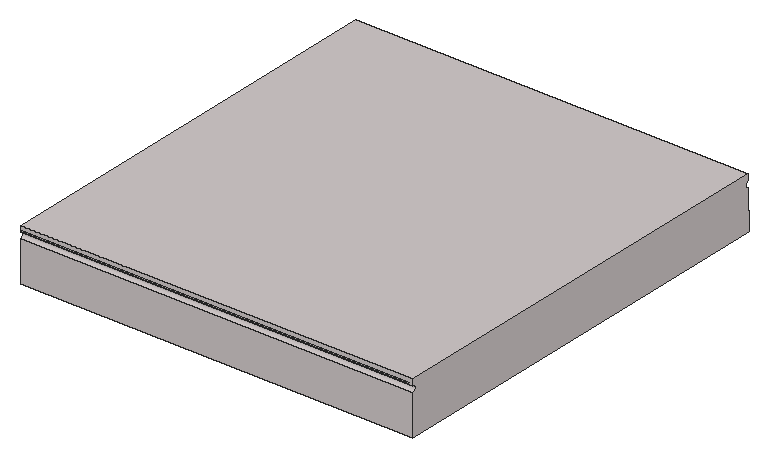
Revit family
Parameters (values of type "1200x150mm")
  시작 확장 계산 [instance] = 3012.5 mm + 시작 확장  # 3000 mm
  시작 확장 [instance] = -12.5 mm
  끝 확장 계산 [instance] = 3012.5 mm + 끝 확장  # 3000 mm
  끝 확장 [instance] = -12.5 mm
  보 재료 [instance] = 콘크리트 - 프리캐스트 콘크리트 - 35MPa
  Assembly Code = ""
  깊이 = 150 mm
  Length [instance] = 1500 mm
  폭 = 1200 mm
Types (13, lengths in mm): name | 깊이 | 폭
  (no name) | 150 | 1200
  1200x100mm | 100 | 1200
  1000x250mm | 250 | 1000
  1000x100mm | 100 | 1000
  1000x150mm | 150 | 1000
  1000x200mm | 200 | 1000
  1200x150mm | 150 | 1200
  1200x200mm | 200 | 1200
  1200x250mm | 200 | 1200
  1500x100mm | 100 | 1500
  1500x150mm | 150 | 1500
  1500x200mm | 200 | 1500
  1500x250mm | 250 | 1500
Reference planes
  plane 1 "중심(앞/뒤)": y = 0
  plane 2: z = 0
  plane 3 "중심(왼쪽/오른쪽)": x = 4.61
  plane 4 "왼쪽 부재": x = -557.39
  plane 5 "오른쪽 부재": x = 566.61
  plane 6: y = 600
  plane 7: y = -600
  plane 8: z = 75
  plane 9 "하단": z = -75
  plane 10 "왼쪽": x = -757.39
  plane 11 "오른쪽": x = 742.61
  plane 12: x = -557.39
  plane 13: x = 566.61
  plane 14: x = 2442.61
  plane 15: x = -2433.39
Dimensions and locks
  "폭": plane 6 to plane 7
  equal spacing: plane 9 "하단", plane 2, plane 8
  equal spacing: plane 6, plane 1 "중심(앞/뒤)", plane 7
  "깊이": plane 9 "하단" to plane 8
  "Length": plane 10 "왼쪽" to plane 11 "오른쪽"
  locked: plane 4 "왼쪽 부재" to plane 14 at 3000
  locked: plane 15 to plane 5 "오른쪽 부재" at 3000
  "끝 확장 계산": plane 15 to plane 13
  "시작 확장 계산": plane 12 to plane 14
  aligned and locked: plane 12 to nested 1
  aligned and locked: plane 13 to nested 1
Nested families
  nested 1: "M_솔리드 평면" at (566.61, 0, 0) x (-1, 0, 0) z (0, 0, 1), 깊이 <- "깊이", 폭 <- "폭", 재료 <- "보 재료", type "M_솔리드 평면"
    with 폭 1200 mm, 재료 콘크리트 - 프리캐스트 콘크리트 - 35MPa, built-in parameter 1001306 3.6877 (stored number, unit not read), 깊이 150 mm
Definition of nested family "M_솔리드 평면"
  Parameters (values of type "M_솔리드 평면")
    폭 [instance] = 1200 mm
    재료 [instance] = 콘크리트 - 프리캐스트 콘크리트 - 35MPa
    built-in parameter 1001306 [instance] = 1200 mm
    깊이 [instance] = 100 mm
    Assembly Code = ""
  Reference planes
    plane 1 "중심(앞/뒤)": y = 0
    plane 2: z = 0
    plane 3 "왼쪽": x = 0
    plane 4 "오른쪽": x = 1200
    plane 5: z = 50
    plane 6: z = -50
    plane 7: y = -600
    plane 8: y = 600
    plane 9: z = 24.6
  Forms (mm)
    Extrusion 1, solid, material "콘크리트 - 프리캐스트 콘크리트 - 35MPa" <- "재료"
      sketch origin (0, 0, 0) x (0, 1, 0) y (0, 0, 1)
        loop
          line (600, 50) -> (-600, 50) -> (-600, 34.125)
          arc (-600, 34.125) -> (-590.475, 24.6) -> (-600, 15.075) r 9.525
          line (-600, 15.075) -> (-600, -50) -> (600, -50) -> (600, 15.075)
          arc (600, 15.075) -> (590.475, 24.6) -> (600, 34.125) r 9.525
          line (600, 34.125) -> (600, 50)
      from 0 to 1200
  Lines and regions (mm)
    reference lines
      curve 1: line (0, 0, 0) -> (1200, 0, 0)
  Dimensions and locks
    "built-in parameter 1001306": plane 3 "왼쪽" to plane 4 "오른쪽"
    "깊이": plane 5 to plane 6
    equal spacing: plane 5, level, plane 6
    "폭": plane 8 to plane 7
    equal spacing: plane 8, plane 1 "중심(앞/뒤)", plane 7
    locked: plane 5 to plane 9 at 25.4
    radius of Extrusion 1 sketch curve = 9.525 mm  (x2)
    aligned and locked: plane 4 "오른쪽" to curve 1
    aligned and locked: plane 1 "중심(앞/뒤)" to curve 1
    aligned and locked: plane 3 "왼쪽" to curve 1
    aligned and locked: Extrusion 1 to plane 3 "왼쪽"
    aligned and locked: plane 4 "오른쪽" to Extrusion 1
    aligned and locked: Extrusion 1 sketch curve to plane 6
    aligned and locked: plane 5 to Extrusion 1 sketch curve
    aligned and locked: plane 8 to Extrusion 1 sketch curve
    aligned and locked: Extrusion 1 sketch curve to plane 7
  Automatic sketch dimensions
    Extrusion 1 sketch curve to plane 9 = 0 mm  (x2)
